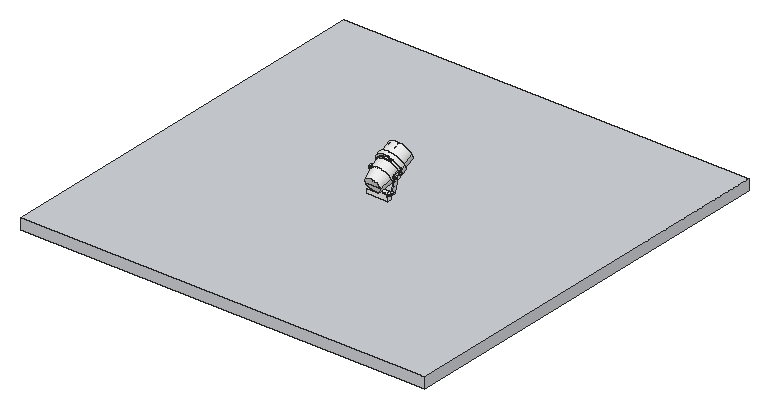
Revit family
Parameters (values of type "SSL238")
  Wattage = 12 W
  built-in parameter 1150110 = 1 (stored number, unit not read)
  Voltage = 0 V
  URL = "http://www.lightingservicesinc.com/home.asp"
  built-in parameter 1114217 = 1 (stored number, unit not read)
  Tilt Angle = 90.00°
  built-in parameter 1150109 = 1 (stored number, unit not read)
  built-in parameter 1150134 = (empty or 0)
  built-in parameter 1150113 = 1 (stored number, unit not read)
  Product Page URL = "http://www.lightingservicesinc.com/product.asp?productID=220"
  Product Documentation Link = "http://www.lightingservicesinc.com/files/pdf/220usa.pdf"
  Power Factor = 1
  Photometric Web File = "Not Available"
  Number of Poles = 1
  built-in parameter 1150142 = (empty or 0)
  Model = "SSL238"
  Manufacturer = "Lighting Services Inc"
  built-in parameter 1150105 = 141.85 (stored number, unit not read)
  Lumens = 1782.5 lm
  built-in parameter 1150115 = 1 (stored number, unit not read)
  built-in parameter 1150137 = (empty or 0)
  built-in parameter 1150139 = (empty or 0)
  built-in parameter 1150112 = 1 (stored number, unit not read)
  built-in parameter 1150114 = 1 (stored number, unit not read)
  Lamp = "LED"
  built-in parameter 1150132 = (empty or 0)
  built-in parameter 1150102 = (empty or 0)
  built-in parameter 1150107 = 3000 (stored number, unit not read)
  built-in parameter 1150138 = (empty or 0)
  built-in parameter 1150106 = 1.4185 (stored number, unit not read)
  Fixture Finish = Metal - LSI - Silver Finish
  Emit from Circle Diameter = 0' - 4 1/2"
  Emit Shape Visible in Rendering = yes
  built-in parameter 1150104 = 13.8 (stored number, unit not read)
  Dimming Lamp Color Temperature Shift = (empty or 0)
  Description = "LED Spot Light"
  Default Elevation = 4' - 0"
  Color Filter = 16777215
  Coiled Cord = yes
  built-in parameter 1114218 = 1 (stored number, unit not read)
  built-in parameter 1150133 = 10 (stored number, unit not read)
  Apparent Load = 0 VA
  Angle [instance] = 65.00°
Reference planes (in)
  plane 1 "Center (Front/Back)": y = 0
  plane 2: z = 0
  plane 3 "Center (Left/Right)": x = 0
Forms (in)
  Extrusion 1, solid
    sketch origin (0, 0, 0) x (1, 0, 0) y (0, 1, 0)
      loop
        line (-48, 48) -> (-48, -48) -> (48, -48) -> (48, 48) -> (-48, 48)
    from 0 to -2.5751
  Extrusion 2, solid, material "Metal - LSI - Silver Finish" <- "Fixture Finish"
    sketch origin (0.01225, 15.55581, 0) x (1, 0, 0) y (0, 0, 1)
      loop
        line (1.27103, 0) -> (1.27103, 0.92882) -> (0.86776, 0.92882) -> (0.86776, 1.48082) -> (-0.70644, 1.48082) -> (-0.70644, 0.92882) -> (-3.70644, 0.92882) -> (-3.70644, 0) -> (1.27103, 0)
    from 15.25832 to 16.0558
  Extrusion 3, solid, material "Metal - LSI - Silver Finish" <- "Fixture Finish"
    sketch origin (0.01225, 15.55581, 0) x (1, 0, 0) y (0, 0, 1)
      loop
        line (-2.78202, 6.23419) -> (-2.87746, 6.23419) -> (-2.87746, 5.16388) -> (-2.12853, 1.64043)
        arc (-2.12853, 1.64043) -> (-2.06247, 1.5305) -> (-1.94274, 1.48454) r 0.19697
        line (-1.94274, 1.48454) -> (1.96293, 1.48454)
        arc (1.96293, 1.48454) -> (2.08439, 1.52755) -> (2.15171, 1.63741) r 0.193
        line (2.15171, 1.63741) -> (2.90046, 5.15998) -> (2.90046, 6.23144) -> (2.80648, 6.23144) -> (2.80648, 5.1706) -> (2.05914, 1.65462)
        arc (2.05914, 1.65462) -> (2.02519, 1.59922) -> (1.96394, 1.57754) r 0.09732
        line (1.96394, 1.57754) -> (-1.93707, 1.57754)
        arc (-1.93707, 1.57754) -> (-2.0014, 1.60095) -> (-2.03563, 1.66023) r 0.10008
        line (-2.03563, 1.66023) -> (-2.78202, 5.17175) -> (-2.78202, 6.23419)
    from 15.15905 to 16.159
  Extrusion 4, solid, material "Metal - LSI - Silver Finish" <- "Fixture Finish"
    sketch origin (-6.08272, 0.00234, 0) x (0, 1, 0) y (0, 0, 1)
      loop
        circle (-0.09497, 5.75636) r 0.34775
    from 2.85084 to 9.59497
Lines and regions (in)
  reference lines
    curve 1: line (0, 0, 5.75) -> (0, -4.01487, 14.35992)
Dimensions and locks (in)
  level to Extrusion 2 = 0' - 0.92882"
  "Angle": angle Extrusion 1 to curve 1
  "Angle": angle imposter light to Extrusion 1
  aligned and locked: plane 2 to Extrusion 1
  aligned and locked: level to Extrusion 1
  aligned and locked: plane 1 "Center (Front/Back)" to curve 1
  aligned and locked: plane 3 "Center (Left/Right)" to imposter light
Automatic sketch dimensions
  Extrusion 1 sketch curve to Extrusion 1 sketch curve = 8' - 0"  (x2)
  level to curve 1 = 0' - 5 3/4"
  Extrusion 2 sketch curve to level = 0' - 0"
  Extrusion 2 sketch curve to Extrusion 2 sketch curve = 0' - 0.40327"
  level to Extrusion 2 sketch curve = 0' - 0.92882"
  Extrusion 2 sketch curve to Extrusion 2 sketch curve = 0' - 0.92882"
  Extrusion 2 sketch curve to Extrusion 2 sketch curve = 0' - 0.552"
  Extrusion 3 sketch curve to Extrusion 3 sketch curve = 0' - 0.09544"
  Extrusion 3 sketch curve to Extrusion 3 sketch curve = 0' - 0.0929"
  Extrusion 3 sketch curve to Extrusion 3 sketch curve = 0' - 0.09289"
  Extrusion 3 sketch curve to Extrusion 3 sketch curve = 0' - 0.09856"
  Extrusion 3 sketch curve to Extrusion 3 sketch curve = 0' - 0.00121"
  Extrusion 3 sketch curve to Extrusion 3 sketch curve = 0' - 0.00102"
  Extrusion 3 sketch curve to Extrusion 3 sketch curve = 0' - 0.09519"
  Extrusion 3 sketch curve to Extrusion 3 sketch curve = 0' - 0.09257"
  Extrusion 3 sketch curve to Extrusion 3 sketch curve = 0' - 0.09397"
  level to Extrusion 3 sketch curve = 0' - 1.48454"
  Extrusion 3 sketch curve to Extrusion 3 sketch curve = 0' - 0.093"
  Extrusion 3 sketch curve to Extrusion 3 sketch curve = 0' - 0.05987"
  Extrusion 3 sketch curve to Extrusion 3 sketch curve = 0' - 0.06289"
  Extrusion 3 sketch curve to Extrusion 3 sketch curve = 0' - 0.01721"
  Extrusion 3 sketch curve to Extrusion 3 sketch curve = 0' - 0.0198"
  Extrusion 3 sketch curve to Extrusion 3 sketch curve = 0' - 3.52257"
  Extrusion 3 sketch curve to Extrusion 3 sketch curve = 0' - 3 67/128"
  Extrusion 3 sketch curve to Extrusion 3 sketch curve = 0' - 0.01062"
  Extrusion 3 sketch curve to Extrusion 3 sketch curve = 0' - 0.00787"
  Extrusion 3 sketch curve to Extrusion 3 sketch curve = 0' - 1.06084"
  Extrusion 3 sketch curve to Extrusion 3 sketch curve = 0' - 1.06244"
  level to Extrusion 4 sketch curve = 0' - 5.75636"
  Extrusion 2 sketch curve to plane 3 "Center (Left/Right)" = 0' - 3.69419"
  Extrusion 2 sketch curve to Extrusion 2 sketch curve = 0' - 3"
  Extrusion 2 sketch curve to Extrusion 2 sketch curve = 0' - 1.5742"
  Extrusion 3 sketch curve to plane 3 "Center (Left/Right)" = 0' - 2.86521"
  Extrusion 3 sketch curve to Extrusion 3 sketch curve = 0' - 0.6535"
  Extrusion 3 sketch curve to Extrusion 3 sketch curve = 0' - 3.89879"
  Extrusion 3 sketch curve to Extrusion 3 sketch curve = 0' - 0.65477"
  plane 1 "Center (Front/Back)" to Extrusion 4 sketch curve = 0' - 0.09263"
  radius of Extrusion 4 sketch curve = 0' - 0.34775"
Nested families (in)
  nested 1: "238-Fixture-Head" at (-0.0004, -5.89083, 3.00262) x (0, -0.4226, 0.9063) z (0, 0.9063, 0.4226), type "238-Fixture-Head"
Connectors (in)
  electrical at (-1.20546, -0.10125, 0), driven by "Number of Poles", driven by "Voltage", driven by "Apparent Load", driven by "Power Factor"
    settings: on Extrusion 2, index 1, voltage 0 V, apparent load 0 VA, apparent load phase1 0 VA, apparent load phase2 0 VA, apparent load phase3 0 VA, power factor 1, load classification "Other", number of poles 1, system type 31, power factor state 1, is connector primary yes, connector utility yes, sub classification motor no, connector description "Power"
Definition of nested family "238-Fixture-Head"
  Parameters (values of type "238-Fixture-Head")
    Fixture Finish = Metal - LSI - Silver Finish
    Default Elevation = 4' - 0"
    Assembly Code = ""
  Reference planes (in)
    plane 1 "Center (Front/Back)": y = 0
    plane 2: z = 0
    plane 3 "Center (Left/Right)": x = 0
  Forms (in)
    Revolve 1, solid, material "Metal - LSI - Silver Finish" <- "Fixture Finish"
      sketch origin (0, 0, 0) x (0, 1, 0) y (0, 0, 1)
        loop
          line (2.39562, 11.81282) -> (2.39562, 9.06282) -> (2.67687, 9.06282) -> (2.67687, 11.81282) -> (2.39562, 11.81282)
        axis (0, 9.06282) -> (0, 11.81282)
      angle from 0 to 360
    Extrusion 2, solid, material "Metal - LSI - Silver Finish" <- "Fixture Finish"
      sketch origin (0, 0, 0) x (1, 0, 0) y (0, 1, 0)
        loop
          line (-2.39966, -0.32778) -> (-2.39054, -0.38911) -> (2.43406, 0.32859) -> (2.42493, 0.38992) -> (-2.39966, -0.32778)
      from 9.06282 to 11.81282
    Extrusion 3, solid, material "Metal - LSI - Silver Finish" <- "Fixture Finish"
      sketch origin (0.14963, -0.15314, 0) x (0, 1, 0) y (-1, 0, 0)
        loop
          line (-2.18737, -0.29621) -> (-2.17825, -0.35753) -> (2.52646, 0.34234) -> (2.51734, 0.40366) -> (-2.18737, -0.29621)
      from 9.06282 to 11.81282
    Revolve 4, solid, material "Metal - LSI - Silver Finish" <- "Fixture Finish"
      sketch origin (0, 0, 0) x (0, 1, 0) y (0, 0, 1)
        loop
          line (0.0004, 9.06282) -> (0.0004, 2.84621) -> (1.81783, 2.84621) -> (2.40426, 5.38634) -> (2.40426, 7.63634) -> (2.65426, 7.63634) -> (2.65426, 8.06282) -> (2.99017, 8.06282) -> (2.99017, 9.06282) -> (0.0004, 9.06282)
        axis (0.0004, 9.06282) -> (0.0004, 2.84621)
      angle from 0 to 360
  Dimensions and locks (in)
    locked: Revolve 1 sketch curve to Revolve 1 sketch curve at 0.28125
    aligned and locked: plane 2 to level
